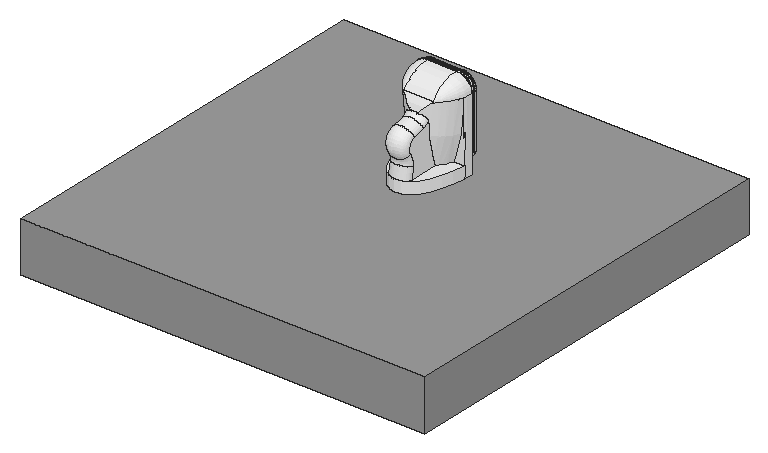
Revit family
Parameters
  Width = 355 mm  # constant formula
  Waste Connection Radius = Waste Connection Diameter / 2  # 51 mm
  Waste Connection = 1 = 1  # yes
  Vent Connection = 1 = 0  # no
  URL = "www.vaalsan.co.za"
  Seat Finish = Plastic-Vaal-White
  Product Code = "439300WH"
  Omniclass Title = "Water Operated Water Closets"
  Omniclass Number = "23.45.05.21.11.11"
  Model = "Urban Life Wall Hung Pan"
  Manufacturer = "Vaal Sanitaryware"  # constant formula
  Length = 527 mm  # constant formula
  Height Pan To Finish Floor = 435 mm
  Height = 370 mm  # constant formula
  HW Connection = 1 = 0  # no
  Family created by = "www.rbuiltcomponents.com"
  Default Elevation = 0 mm
  Cold Water Connection Diameter = 55 mm  # constant formula
  Waste Connection Diameter = 102 mm  # constant formula
  CW Connection Radius = Cold Water Connection Diameter / 2  # 27.5 mm
  CW Connection = 1 = 1  # yes
  Body Finish = Vitreous China-Vaal-White
  Assembly Code = "D2010110"
Reference planes
  plane 1 "FF": y = 0
  plane 2: z = 0
  plane 3 "Center (Left/Right)": x = 0
  plane 4: z = 0
  plane 5: y = 435
  plane 6 "45 2": through (-1219.2, -1219.2, 0) normal (-0.5, -0.5, 0.7071)
  plane 7: y = 60
  plane 8: x = 177.5
  plane 9: x = -177.5
Forms (mm)
  Extrusion 1, solid
    sketch origin (0, 0, 0) x (1, 0, 0) y (0, 1, 0)
      loop
        line (-1219.2, 1219.2) -> (-1219.2, -1219.2) -> (1219.2, -1219.2) -> (1219.2, 1219.2) -> (-1219.2, 1219.2)
    from 0 to -304.8
  Extrusion 2, void
    sketch origin (0, 0, 0) x (1, 0, 0) y (0, 1, 0)
      loop
        circle (0, 232) r 45
    from 0 to 5
Lines and regions (mm)
  symbolic lines
    curve 1: line (-177.5, 0, 0) -> (177.5, 0, 0)
Dimensions and locks
  "Height Pan To Finish Floor": plane 1 "FF" to plane 5
  locked: plane 7 to plane 5 at 375
  equal spacing: plane 9, plane 3 "Center (Left/Right)", plane 8
  locked: plane 9 to plane 8 at 355
  locked: Extrusion 2 sketch curve to plane 5 at 203
  locked: connector elem to plane 3 "Center (Left/Right)" at 0  (x2)
  locked: connector elem to plane 5 at 203
  locked: connector elem to plane 5 at 68
  aligned and locked: plane 2 to Extrusion 1
  aligned and locked: level to Extrusion 1
  aligned and locked: plane 4 to nested 1
  aligned and locked: plane 5 to nested 1
  aligned and locked: plane 9 to curve 1
  aligned and locked: plane 1 "FF" to curve 1
Automatic sketch dimensions
  Extrusion 1 sketch curve to Extrusion 1 sketch curve = 2438.4 mm  (x2)
  Extrusion 2 sketch curve to plane 3 "Center (Left/Right)" = 0 mm
  curve 1 to plane 8 = 0 mm
  radius of Extrusion 2 sketch curve = 45 mm
Nested families
  nested 1: "Vaal-Urban_Life_WHP" at (0, 0, 0) x (-1, 0, 0) z (0, 1, 0), type "Vaal-Urban_Life_WHP"
    with Waste Connection Radius 45 mm
Connectors
  piping at (0, 232, 0), driven by "Waste Connection Radius"
    settings: on Extrusion 2, index 1
  piping at (0, 367, 0), driven by "CW Connection Radius"
    settings: on Extrusion 2, index 2
Definition of nested family "Vaal-Urban_Life_WHP"
  Parameters
    Waste Connection Radius = 51 mm
    Seat Finish = Plastic-Vaal-White
    Height Pan Top = 435 mm
    Default Elevation = 0 mm
    CW Connection Radius = 27.5 mm
    Body Finish = Vitreous China-Vaal-White
  Reference planes
    plane 1 "Back": y = 0
    plane 2 "Bottom": z = 0
    plane 3 "Center (Left/Right)": x = 0
    plane 4 "Front": y = -527
    plane 5 "Right": x = 177.5
    plane 6 "Left": x = -177.5
    plane 7 "Top": z = 435
    plane 8: z = 60
    plane 9 "R1": y = -437
  Forms (mm)
    Sweep 1, solid, material "Vitreous China-Vaal-White" <- "Body Finish"
      path origin (0, 0, 0) x (0, 1, 0) y (0, 0, 1)
        loop
          arc (-373.445, 225.274) -> (-359.189, 213.974) -> (-351.062, 197.698) r 41.917
          line (-351.062, 197.698) -> (-334.128, 129.777)
          arc (-334.128, 129.777) -> (-272.186, 63.013) -> (-182.656, 79.706) r 94.361
          arc (-182.656, 79.706) -> (-165.283, 88.967) -> (-145.682, 90.804) r 50
          line (-145.682, 90.804) -> (-70, 82.85)
      profile origin (0, -342.595, 163.738) x (0, 0.970296, 0.241922) y (1, 0, 0)
        loop
          line (50, -65) -> (80, -65) -> (80, 65) -> (50, 65)
          spline (50, 65) -> (37.059, 62.785) -> (25, 56.292) -> (14.645, 45.962) -> (6.699, 32.5) -> (1.704, 16.823) -> (0, 0) -> (1.704, -16.823) -> (6.699, -32.5) -> (14.645, -45.962) -> (25, -56.292) -> (37.059, -62.785) -> (50, -65)
    Extrusion 2, solid, material "Vitreous China-Vaal-White" <- "Body Finish"
      sketch origin (0, 0, 435) x (-1, 0, 0) y (0, -1, 0)
        loop
          arc (177.5, 437) -> (151.14, 500.64) -> (87.5, 527) r 90
          line (87.5, 527) -> (-87.5, 527)
          arc (-87.5, 527) -> (-151.14, 500.64) -> (-177.5, 437) r 90
          arc (-177.5, 437) -> (-154.9, 213.966) -> (-88.018, 0) r 1111.818
          line (-88.018, 0) -> (88.018, 0)
          arc (88.018, 0) -> (154.9, 213.966) -> (177.5, 437) r 1111.818
      from 0 to -213
    Sweep 3, void
      path in 3D
        loop
          arc (177.5, -437, 435) -> (151.14, -500.64, 435) -> (87.5, -527, 435) r 90
          line (87.5, -527, 435) -> (-87.5, -527, 435)
          arc (-87.5, -527, 435) -> (-151.14, -500.64, 435) -> (-177.5, -437, 435) r 90
      profile origin (-151.14, -500.64, 435) x (-0.707107, -0.707107, 0) y (0, 0, 1)
        loop
          arc (0, 0) -> (-22.857, -97.645) -> (-86.677, -175) r 220
          line (-86.677, -175) -> (0, -175) -> (0, 0)
    Extrusion 4, void
      sketch origin (-1.25, -527, 0) x (1, 0, 0) y (0, 0, 1)
        loop
          line (-176.25, 260) -> (-176.25, 215) -> (178.75, 215) -> (178.75, 260) -> (92.073, 260)
          arc (92.073, 260) -> (49.004, 234.365) -> (1.25, 219.144) r 220
          arc (1.25, 219.144) -> (-46.504, 234.365) -> (-89.573, 260) r 220
          line (-89.573, 260) -> (-176.25, 260)
      from -90 to 50
    Extrusion 5, solid, material "Vitreous China-Vaal-White" <- "Body Finish"
      sketch origin (0, 0, 0) x (0, 1, 0) y (0, 0, 1)
        loop
          line (-70, 163.291) -> (-70, 385.418) -> (-210, 385.418) -> (-210, 297.258) -> (-338.54, 297.258)
          arc (-338.54, 297.258) -> (-297.075, 264.391) -> (-273.439, 217.052) r 121.917
          line (-273.439, 217.052) -> (-256.504, 149.131)
          arc (-256.504, 149.131) -> (-247.077, 138.97) -> (-233.451, 141.511) r 14.361
          arc (-233.451, 141.511) -> (-188.283, 165.59) -> (-137.32, 170.366) r 130
          line (-137.32, 170.366) -> (-70, 163.291)
      from 65 to -65
    Sweep 6, void
      path in 3D
        loop
          arc (101.013, -31.748, 435) -> (158.211, -230.797, 435) -> (177.5, -437, 435) r 1111.818
      profile origin (158.211, -230.797, 435) x (0.982651, 0.185465, 0) y (0, 0, 1)
        loop
          arc (0, 0) -> (-44.697, -132.924) -> (-160.626, -211.836) r 220
          line (-160.626, -211.836) -> (-160.626, -215) -> (0, -215) -> (0, 0)
    Sweep 7, void
      path in 3D
        loop
          arc (-101.013, -31.748, 435) -> (-158.211, -230.797, 435) -> (-177.5, -437, 435) r 1111.818
      profile origin (-158.211, -230.797, 435) x (0.982651, -0.185465, 0) y (0, 0, 1)
        loop
          line (0, 0) -> (0, -215) -> (158.992, -215) -> (158.992, -211.372)
          arc (158.992, -211.372) -> (44.185, -132.246) -> (0, 0) r 220
    Extrusion 8, void
      sketch origin (0, 0, 0) x (0, 1, 0) y (0, 0, 1)
        loop
          arc (-362.055, 222) -> (-403.086, 237.092) -> (-440.323, 260) r 220
          line (-440.323, 260) -> (-535.323, 260) -> (-535.323, 222) -> (-362.055, 222)
      from 100 to -100
    Extrusion 9, solid, material "Vitreous China-Vaal-White" <- "Body Finish"
      sketch origin (0, 0, 0) x (1, 0, 0) y (0, 0, 1)
        loop
          line (175.731, 385) -> (-175.731, 385)
          spline (-175.731, 385) -> (-164.867, 303.468) -> (-144.689, 229.366) -> (-116.337, 166.882) -> (-81.413, 119.544) -> (-41.89, 90.028) -> (0, 80) -> (41.89, 90.028) -> (81.413, 119.544) -> (116.337, 166.882) -> (144.689, 229.366) -> (164.867, 303.468) -> (175.731, 385)
      from 0 to 70
    Blend 10, solid, material "Vitreous China-Vaal-White" <- "Body Finish"
      base sketch origin (0, 0, 0) x (1, 0, 0) y (0, 0, 1)
        loop
          line (177.5, 435) -> (-177.5, 435)
          spline (-177.5, 435) -> (-177.488, 430.82) -> (-177.451, 426.64) -> (-177.389, 422.461) -> (-177.303, 418.284) -> (-177.192, 414.109) -> (-177.057, 409.937) -> (-176.897, 405.769) -> (-176.713, 401.605) -> (-176.504, 397.445) -> (-176.271, 393.291) -> (-176.013, 389.142) -> (-175.731, 385)
          line (-175.731, 385) -> (175.731, 385)
          spline (175.731, 385) -> (176.013, 389.142) -> (176.271, 393.291) -> (176.504, 397.445) -> (176.713, 401.605) -> (176.897, 405.769) -> (177.057, 409.937) -> (177.192, 414.109) -> (177.303, 418.284) -> (177.389, 422.461) -> (177.451, 426.64) -> (177.488, 430.82) -> (177.5, 435)
      top sketch origin (0, 0, 0) x (1, 0, 0) y (0, 0, 1)
        loop
          line (177.5, 435) -> (-177.5, 435)
          arc (-177.5, 435) -> (-176.056, 409.835) -> (-171.743, 385) r 220
          line (-171.743, 385) -> (171.743, 385)
          arc (171.743, 385) -> (176.056, 409.835) -> (177.5, 435) r 220
      from 0 to 437
    Extrusion 11, solid, material "Plastic-Vaal-White" <- "Seat Finish"
      sketch origin (0, 0, 435) x (-1, 0, 0) y (0, -1, 0)
        loop
          arc (147.5, 80) -> (168.713, 88.787) -> (177.5, 110) r 30
          line (177.5, 110) -> (177.5, 437)
          arc (177.5, 437) -> (151.14, 500.64) -> (87.5, 527) r 90
          line (87.5, 527) -> (-87.5, 527)
          arc (-87.5, 527) -> (-151.14, 500.64) -> (-177.5, 437) r 90
          line (-177.5, 437) -> (-177.5, 110)
          arc (-177.5, 110) -> (-168.713, 88.787) -> (-147.5, 80) r 30
          line (-147.5, 80) -> (147.5, 80)
      from 30 to 50
    Extrusion 12, solid, material "Plastic-Vaal-White" <- "Seat Finish"
      sketch origin (0, 0, 435) x (-1, 0, 0) y (0, -1, 0)
        loop
          arc (147.5, 115) -> (168.713, 123.787) -> (177.5, 145) r 30
          line (177.5, 145) -> (177.5, 437)
          arc (177.5, 437) -> (151.14, 500.64) -> (87.5, 527) r 90
          line (87.5, 527) -> (-87.5, 527)
          arc (-87.5, 527) -> (-151.14, 500.64) -> (-177.5, 437) r 90
          line (-177.5, 437) -> (-177.5, 145)
          arc (-177.5, 145) -> (-168.713, 123.787) -> (-147.5, 115) r 30
          line (-147.5, 115) -> (147.5, 115)
      from 5 to 25
    Sweep 13, void
      path in 3D
        loop
          arc (87.5, -527, 485) -> (151.14, -500.64, 485) -> (177.5, -437, 485) r 90
          line (177.5, -437, 485) -> (177.5, -110, 485)
          arc (177.5, -110, 485) -> (168.713, -88.787, 485) -> (147.5, -80, 485) r 30
          line (147.5, -80, 485) -> (-147.5, -80, 485)
          arc (-147.5, -80, 485) -> (-168.713, -88.787, 485) -> (-177.5, -110, 485) r 30
          line (-177.5, -110, 485) -> (-177.5, -437, 485)
          arc (-177.5, -437, 485) -> (-151.14, -500.64, 485) -> (-87.5, -527, 485) r 90
          line (-87.5, -527, 485) -> (87.5, -527, 485)
      profile origin (0, -527, 485) x (0, 1, 0) y (0, 0, 1)
        loop
          line (0, 0) -> (0, -20) -> (7, -20)
          arc (7, -20) -> (5.586, -19.414) -> (5, -18) r 2
          arc (5, -18) -> (10.272, -5.272) -> (23, 0) r 18
          line (23, 0) -> (0, 0)
    Sweep 14, void
      path in 3D
        loop
          arc (87.5, -527, 460) -> (151.14, -500.64, 460) -> (177.5, -437, 460) r 90
          line (177.5, -437, 460) -> (177.5, -145, 460)
          arc (177.5, -145, 460) -> (168.713, -123.787, 460) -> (147.5, -115, 460) r 30
          line (147.5, -115, 460) -> (-147.5, -115, 460)
          arc (-147.5, -115, 460) -> (-168.713, -123.787, 460) -> (-177.5, -145, 460) r 30
          line (-177.5, -145, 460) -> (-177.5, -437, 460)
          arc (-177.5, -437, 460) -> (-151.14, -500.64, 460) -> (-87.5, -527, 460) r 90
          line (-87.5, -527, 460) -> (87.5, -527, 460)
      profile origin (0, -527, 460) x (0, 1, 0) y (0, 0, 1)
        loop
          line (0, 0) -> (0, -20) -> (2.342, -20)
          arc (2.342, -20) -> (0.821, -19.299) -> (0.366, -17.687) r 2
          line (0.366, -17.687) -> (2.5, -4.218)
          arc (2.5, -4.218) -> (4.191, -1.198) -> (7.438, 0) r 5
          line (7.438, 0) -> (0, 0)
    Revolve 15, solid, material "Plastic-Vaal-White" <- "Seat Finish"
      sketch origin (-83.938, -155.625, 45) x (0, -1, 0) y (0, 0, -1)
        loop
          line (-55, -420) -> (-42.464, -420)
          arc (-42.464, -420) -> (-42.379, -413.327) -> (-44.919, -407.156) r 16.66
          arc (-44.919, -407.156) -> (-41.491, -398.856) -> (-40, -390) r 39.998
          line (-40, -390) -> (-55, -390) -> (-55, -420)
        axis (-55, -420) -> (-55, -390)
      angle from 0 to 360
    Revolve 16, solid, material "Plastic-Vaal-White" <- "Seat Finish"
      sketch origin (83.938, -155.625, 45) x (0, -1, 0) y (0, 0, 1)
        loop
          line (-55, 420) -> (-55, 390) -> (-40, 390)
          arc (-40, 390) -> (-41.491, 398.856) -> (-44.919, 407.156) r 39.998
          arc (-44.919, 407.156) -> (-42.379, 413.327) -> (-42.464, 420) r 16.66
          line (-42.464, 420) -> (-55, 420)
        axis (-55, 420) -> (-55, 390)
      angle from 0 to 360
  Cuts and joins
    Sweep 3, Extrusion 4, Sweep 6, Sweep 7, Extrusion 8 cuts Extrusion 2
    joined: Extrusion 2, Extrusion 9, Blend 10
    joined: Sweep 1, Extrusion 5
    Sweep 13 cuts Extrusion 11
    Sweep 14 cuts Extrusion 12
  Lines and regions (mm)
    Masking region 1
      outline origin (0, 0, 0) x (1, 0, 0) y (0, 1, 0)
        loop
          line (-177.5, 0) -> (-177.5, -437)
          arc (-177.5, -437) -> (-151.14, -500.64) -> (-87.5, -527) r 90
          line (-87.5, -527) -> (87.5, -527)
          arc (87.5, -527) -> (151.14, -500.64) -> (177.5, -437) r 90
          line (177.5, -437) -> (177.5, 0) -> (-177.5, 0)
    Masking region 2
      outline origin (0, 0, 0) x (1, 0, 0) y (0, 0, 1)
        loop
          arc (-161.927, 485) -> (-173.517, 461.184) -> (-177.5, 435) r 88.055
          spline (-177.5, 435) -> (-176.617, 399.636) -> (-173.977, 364.623) -> (-169.606, 330.311) -> (-163.548, 297.04) -> (-155.863, 265.142) -> (-146.627, 234.934) -> (-135.933, 206.716) -> (-123.886, 180.768) -> (-110.607, 157.351) -> (-96.228, 136.695) -> (-80.891, 119.007) -> (-64.749, 104.462)
          spline (-64.749, 104.462) -> (-61.386, 92.477) -> (-54.292, 81.484) -> (-43.899, 72.154) -> (-30.838, 65.052) -> (-15.902, 60.611) -> (0, 59.1) -> (15.902, 60.611) -> (30.838, 65.052) -> (43.899, 72.154) -> (54.292, 81.484) -> (61.386, 92.477) -> (64.749, 104.462)
          spline (64.749, 104.462) -> (80.891, 119.007) -> (96.228, 136.695) -> (110.607, 157.351) -> (123.886, 180.768) -> (135.933, 206.716) -> (146.627, 234.934) -> (155.863, 265.142) -> (163.548, 297.04) -> (169.606, 330.311) -> (173.977, 364.623) -> (176.617, 399.636) -> (177.5, 435)
          arc (177.5, 435) -> (173.517, 461.184) -> (161.927, 485) r 88.055
          line (161.927, 485) -> (-161.927, 485)
    Masking region 3
      outline origin (0, 0, 0) x (0, 1, 0) y (0, 0, 1)
        loop
          line (0, 270) -> (0, 435) -> (-83.089, 435) -> (-83.089, 485) -> (-506.36, 485)
          arc (-506.36, 485) -> (-521.67, 462.06) -> (-527, 435) r 70.451
          arc (-527, 435) -> (-478.32, 297.292) -> (-354.299, 220.143) r 220.699
          line (-354.299, 220.143) -> (-334.053, 132.45)
          arc (-334.053, 132.45) -> (-260.222, 58.339) -> (-161.12, 91.837) r 99.003
          line (-161.12, 91.837) -> (0, 72.054) -> (0, 270)
    symbolic lines, style "Water Closet", detail levels fine
      curve 1: line (-177.5, -87, 0) -> (177.5, -87, 0)
      curve 3: line (173.877, 0, 460) -> (-173.877, 0, 460)
      curve 4: line (0, -83.089, 460) -> (0, -522.483, 460)
      curve 5: line (0, -432, 385) -> (0, -70, 385)
      curve 28: line (0, -70, 385) -> (0, -70, 80)
      curve 29: arc (0, -115, 385) -> (0, -140.103, 283.362) -> (0, -225.176, 222.345) r 151.321
      curve 30: line (0, -225.176, 222.345) -> (0, -342.013, 222.345)
      curve 31: arc (-177.5, -527, 435) -> (-148.784, -527, 326.962) -> (-72.761, -527, 245.001) r 231.347
      curve 32: line (-65, -527, 229.143) -> (-65, -527, 104.143)
      curve 33: line (65, -527, 229.143) -> (65, -527, 104.143)
      curve 34: arc (177.5, -527, 435) -> (148.784, -527, 326.962) -> (72.761, -527, 245.001) r 231.347
      curve 35: arc (-55.766, -527, 236.392) -> (0, -527, 231.643) -> (55.766, -527, 236.392) r 329.828
    symbolic lines, style "Water Closet"
      curve 2: line (177.5, 0, 435) -> (-177.5, 0, 435)
      curve 6: line (0, -83.089, 435) -> (0, -527, 435)
    sketch lines
      curve 7: arc (-87.5, -527, 435) -> (-151.14, -500.64, 435) -> (-177.5, -437, 435) r 90
      curve 8: line (-87.5, -527, 435) -> (87.5, -527, 435)
      curve 9: arc (177.5, -437, 435) -> (151.14, -500.64, 435) -> (87.5, -527, 435) r 90
      curve 10: arc (101.013, -31.748, 435) -> (158.211, -230.797, 435) -> (177.5, -437, 435) r 1111.818
      curve 11: arc (-101.013, -31.748, 435) -> (-158.211, -230.797, 435) -> (-177.5, -437, 435) r 1111.818
      curve 12: line (-87.5, -527, 485) -> (87.5, -527, 485)
      curve 13: arc (-87.5, -527, 485) -> (-151.14, -500.64, 485) -> (-177.5, -437, 485) r 90
      curve 14: line (-177.5, -110, 485) -> (-177.5, -437, 485)
      curve 15: arc (-177.5, -110, 485) -> (-168.713, -88.787, 485) -> (-147.5, -80, 485) r 30
      curve 16: line (147.5, -80, 485) -> (-147.5, -80, 485)
      curve 17: arc (147.5, -80, 485) -> (168.713, -88.787, 485) -> (177.5, -110, 485) r 30
      curve 18: line (177.5, -437, 485) -> (177.5, -110, 485)
      curve 19: arc (177.5, -437, 485) -> (151.14, -500.64, 485) -> (87.5, -527, 485) r 90
      curve 20: line (-87.5, -527, 460) -> (87.5, -527, 460)
      curve 21: arc (-87.5, -527, 460) -> (-151.14, -500.64, 460) -> (-177.5, -437, 460) r 90
      curve 22: line (-177.5, -145, 460) -> (-177.5, -437, 460)
      curve 23: arc (-177.5, -145, 460) -> (-168.713, -123.787, 460) -> (-147.5, -115, 460) r 30
      curve 24: line (147.5, -115, 460) -> (-147.5, -115, 460)
      curve 25: arc (147.5, -115, 460) -> (168.713, -123.787, 460) -> (177.5, -145, 460) r 30
      curve 26: line (177.5, -437, 460) -> (177.5, -145, 460)
      curve 27: arc (177.5, -437, 460) -> (151.14, -500.64, 460) -> (87.5, -527, 460) r 90
    symbolic lines, style "Fixing"
      curve 36: line (104, 0, 332) -> (64, 0, 332)
      curve 37: line (84, 0, 312) -> (84, 0, 352)
      curve 38: line (-104, 0, 332) -> (-64, 0, 332)
      curve 39: line (-84, 0, 312) -> (-84, 0, 352)
      curve 40: line (0, 26.911, 332.039) -> (0, -83.089, 332.039)
  Dimensions and locks
    locked: plane 4 "Front" to plane 1 "Back" at 527
    equal spacing: plane 6 "Left", plane 3 "Center (Left/Right)", plane 5 "Right"
    locked: plane 6 "Left" to plane 5 "Right" at 355
    "Height Pan Top": plane 7 "Top" to plane 2 "Bottom"
    plane 7 "Top" to plane 2 "Bottom" = 435 mm
    locked: Masking region 2 sketch curve to plane 7 "Top" at 50
    locked: plane 7 "Top" to Extrusion 2 at 213
    locked: plane 4 "Front" to plane 9 "R1" at 90
    locked: Extrusion 11 sketch curve to plane 1 "Back" at 80
    locked: Extrusion 12 sketch curve to plane 1 "Back" at 115
    locked: plane 7 "Top" to plane 8 at 375
    curve 37 to curve 2 = 83 mm
    locked: curve 37 to curve 39 at 168
    locked: curve 38 to plane 2 "Bottom" at 332
    locked: plane 2 "Bottom" to curve 40 at 332.039
    aligned and locked: plane 6 "Left" to Masking region 1 sketch curve
    aligned and locked: plane 1 "Back" to Masking region 1 sketch curve
    aligned and locked: Masking region 1 sketch curve to plane 5 "Right"
    aligned and locked: plane 6 "Left" to curve 2
    aligned and locked: plane 5 "Right" to curve 2
    aligned and locked: Masking region 3 to curve 4
    aligned and locked: Extrusion 2 sketch curve to plane 1 "Back"
    aligned and locked: plane 4 "Front" to Extrusion 2 sketch curve
    aligned and locked: plane 7 "Top" to Extrusion 2
    aligned and locked: Sweep 1 to Extrusion 5 sketch curve
    aligned and locked: Extrusion 5 sketch curve to Sweep 1  (x2)
    aligned and locked: plane 9 "R1" to Blend 10
    aligned and locked: Extrusion 11 sketch curve to plane 5 "Right"
    aligned and locked: plane 6 "Left" to Extrusion 11 sketch curve
    aligned and locked: Extrusion 11 sketch curve to plane 4 "Front"
    aligned and locked: plane 6 "Left" to Extrusion 12 sketch curve
    aligned and locked: Extrusion 12 sketch curve to plane 5 "Right"
    aligned and locked: curve 28 to cut or joined group of Extrusion 2, Sweep 3, Extrusion 4, Sweep 6, Sweep 7, Extrusion 8, Extrusion 9, Blend 10
    aligned and locked: plane 5 "Right" to curve 1
    aligned and locked: plane 6 "Left" to curve 1
  Automatic sketch dimensions
    Sweep 7 sketch curve to profile plane = 0 mm  (x4)
    Sweep 7 sketch curve to profile plane = 158.992 mm
    Sweep 7 sketch curve to Sweep 7 sketch curve = 220 mm
    Sweep 7 sketch curve to Sweep 7 sketch curve = 3.628 mm
    Blend 10 sketch curve to plane 6 "Left" = 0 mm  (x3)
    Blend 10 sketch curve to plane 3 "Center (Left/Right)" = 0 mm  (x2)
    plane 6 "Left" to Blend 10 sketch curve = 1.769 mm
    Blend 10 sketch curve to plane 5 "Right" = 1.769 mm
    Blend 10 sketch curve to Blend 10 sketch curve = 50 mm
    curve 6 to plane 4 "Front" = 0 mm
    curve 6 to plane 7 "Top" = 0 mm
    curve 4 to plane 4 "Front" = 4.517 mm
    curve 5 to plane 9 "R1" = 5 mm
    curve 30 to plane 9 "R1" = 94.987 mm
    curve 29 to plane 7 "Top" = 66.775 mm
    curve 30 to curve 29 = 76.625 mm
    curve 30 to curve 30 = 116.837 mm
    curve 29 to curve 5 = 45 mm
    curve 6 to curve 4 = 0 mm
    curve 29 to curve 29 = 145.88 mm
    plane 8 to curve 28 = 20 mm
    plane 7 "Top" to curve 4 = 25 mm
    curve 2 to plane 7 "Top" = 0 mm
    plane 6 "Left" to curve 3 = 3.623 mm
    curve 3 to plane 5 "Right" = 3.623 mm
    plane 7 "Top" to curve 3 = 25 mm
    Masking region 1 sketch curve to plane 9 "R1" = 0 mm  (x2)
    Masking region 1 sketch curve to plane 4 "Front" = 0 mm
    Masking region 2 sketch curve to plane 6 "Left" = 0 mm
    Masking region 2 sketch curve to plane 7 "Top" = 0 mm  (x2)
    Masking region 2 sketch curve to plane 3 "Center (Left/Right)" = 0 mm  (x3)
    Masking region 2 sketch curve to plane 5 "Right" = 0 mm
    Masking region 2 sketch curve to Masking region 2 sketch curve = 15.573 mm
    plane 8 to Masking region 2 sketch curve = 48.826 mm
    Masking region 2 sketch curve to plane 3 "Center (Left/Right)" = 65 mm
    Masking region 2 sketch curve to Masking region 2 sketch curve = 0.251 mm
    plane 8 to Masking region 2 sketch curve = 44.462 mm
    plane 3 "Center (Left/Right)" to Masking region 2 sketch curve = 64.749 mm
    Masking region 2 sketch curve to Masking region 2 sketch curve = 88.055 mm
    Masking region 3 sketch curve to plane 4 "Front" = 0 mm  (x2)
    Masking region 3 sketch curve to plane 7 "Top" = 0 mm  (x2)
    Masking region 3 sketch curve to plane 1 "Back" = 0 mm
    Masking region 3 sketch curve to plane 4 "Front" = 20.64 mm
    plane 7 "Top" to Masking region 3 sketch curve = 0.179 mm
    plane 9 "R1" to Masking region 3 sketch curve = 19.55 mm
    Masking region 3 sketch curve to plane 9 "R1" = 82.701 mm
    Masking region 3 sketch curve to Masking region 3 sketch curve = 20.246 mm
    plane 7 "Top" to Masking region 3 sketch curve = 0.559 mm
    Masking region 3 sketch curve to Masking region 3 sketch curve = 96.466 mm
    plane 8 to Masking region 3 sketch curve = 31.837 mm
    Masking region 3 sketch curve to Masking region 3 sketch curve = 76.468 mm
    plane 1 "Back" to Masking region 3 sketch curve = 83.089 mm
    plane 8 to Masking region 3 sketch curve = 12.054 mm
    Masking region 3 sketch curve to Masking region 3 sketch curve = 87.693 mm
    Masking region 3 sketch curve to Masking region 3 sketch curve = 165 mm
    Sweep 1 sketch curve to plane 9 "R1" = 45.266 mm
    Sweep 1 sketch curve to Sweep 1 sketch curve = 18.289 mm
    Sweep 1 sketch curve to Sweep 1 sketch curve = 22.383 mm
    Sweep 1 sketch curve to Sweep 1 sketch curve = 16.935 mm
    Sweep 1 sketch curve to Sweep 1 sketch curve = 91.558 mm
    plane 8 to Sweep 1 sketch curve = 19.706 mm
    Sweep 1 sketch curve to Sweep 1 sketch curve = 59.914 mm
    Sweep 1 sketch curve to Sweep 1 sketch curve = 0 mm
    Sweep 1 sketch curve to plane 8 = 18.922 mm
    Sweep 1 sketch curve to Sweep 1 sketch curve = 31.747 mm
    plane 8 to Sweep 1 sketch curve = 30.804 mm
    plane 8 to Sweep 1 sketch curve = 22.85 mm
    plane 1 "Back" to Sweep 1 sketch curve = 70 mm
    Sweep 1 sketch curve to Sweep 1 sketch curve = 57.78 mm
    Sweep 1 sketch curve to Sweep 1 sketch curve = 10.141 mm
    Sweep 1 sketch curve to plane 3 "Center (Left/Right)" = 0 mm
    Sweep 1 sketch curve to profile plane = 50 mm
    Sweep 1 sketch curve to Sweep 1 sketch curve = 30 mm
    Sweep 1 sketch curve to plane 3 "Center (Left/Right)" = 65 mm
    Extrusion 2 sketch curve to plane 9 "R1" = 0 mm  (x2)
    Extrusion 2 sketch curve to plane 5 "Right" = 0 mm  (x2)
    Extrusion 2 sketch curve to plane 6 "Left" = 0 mm  (x2)
    Extrusion 2 sketch curve to Extrusion 2 sketch curve = 756.818 mm
    plane 3 "Center (Left/Right)" to Extrusion 2 sketch curve = 88.018 mm
    Sweep 3 sketch curve to profile plane = 0 mm  (x4)
    Sweep 3 sketch curve to Sweep 3 sketch curve = 86.677 mm
    Sweep 3 sketch curve to Sweep 3 sketch curve = 133.323 mm
    Extrusion 4 sketch curve to plane 6 "Left" = 0 mm
    Extrusion 4 sketch curve to plane 7 "Top" = 0 mm  (x2)
    Extrusion 4 sketch curve to plane 3 "Center (Left/Right)" = 0 mm
    Extrusion 4 sketch curve to plane 5 "Right" = 0 mm
    Extrusion 4 sketch curve to Extrusion 4 sketch curve = 86.677 mm  (x2)
    Extrusion 4 sketch curve to plane 3 "Center (Left/Right)" = 42.5 mm
    plane 3 "Center (Left/Right)" to Extrusion 4 sketch curve = 42.5 mm
    Extrusion 4 sketch curve to plane 7 "Top" = 175 mm
    Extrusion 4 sketch curve to Extrusion 4 sketch curve = 45 mm
    plane 8 to Extrusion 5 sketch curve = 89.131 mm
    Extrusion 5 sketch curve to Extrusion 5 sketch curve = 16.935 mm
    Extrusion 5 sketch curve to plane 9 "R1" = 98.46 mm
    Extrusion 5 sketch curve to plane 9 "R1" = 45.266 mm
    Extrusion 5 sketch curve to plane 7 "Top" = 49.582 mm
    Extrusion 5 sketch curve to Extrusion 5 sketch curve = 128.54 mm
    Extrusion 5 sketch curve to Extrusion 5 sketch curve = 96.132 mm
    Extrusion 5 sketch curve to Extrusion 5 sketch curve = 67.32 mm
    plane 8 to Extrusion 5 sketch curve = 127.557 mm
    Extrusion 5 sketch curve to Extrusion 5 sketch curve = 67.921 mm
    Sweep 6 sketch curve to profile plane = 0 mm  (x4)
    profile plane to Sweep 6 sketch curve = 160.626 mm
    Sweep 6 sketch curve to Sweep 6 sketch curve = 59.374 mm
    Sweep 6 sketch curve to Sweep 6 sketch curve = 3.164 mm
    Extrusion 8 sketch curve to plane 7 "Top" = 0 mm
    plane 4 "Front" to Extrusion 8 sketch curve = 8.323 mm
    plane 9 "R1" to Extrusion 8 sketch curve = 3.323 mm
    Extrusion 8 sketch curve to plane 9 "R1" = 74.945 mm
    Extrusion 8 sketch curve to plane 9 "R1" = 130 mm
    Extrusion 8 sketch curve to plane 7 "Top" = 175 mm
    Extrusion 9 sketch curve to plane 3 "Center (Left/Right)" = 0 mm
    Extrusion 9 sketch curve to plane 5 "Right" = 0 mm
    Extrusion 9 sketch curve to plane 7 "Top" = 0 mm
    plane 6 "Left" to Extrusion 9 sketch curve = 1.769 mm
    Extrusion 9 sketch curve to Extrusion 9 sketch curve = 50 mm
    Blend 10 sketch curve to plane 7 "Top" = 0 mm
    Blend 10 sketch curve to plane 5 "Right" = 0 mm
    plane 6 "Left" to Blend 10 sketch curve = 5.757 mm
    Blend 10 sketch curve to plane 3 "Center (Left/Right)" = 42.5 mm
    plane 3 "Center (Left/Right)" to Blend 10 sketch curve = 42.5 mm
    Extrusion 11 sketch curve to plane 9 "R1" = 0 mm  (x2)
    Extrusion 11 sketch curve to plane 5 "Right" = 30 mm
    plane 6 "Left" to Extrusion 11 sketch curve = 30 mm
    Extrusion 12 sketch curve to plane 4 "Front" = 0 mm
    Extrusion 12 sketch curve to plane 9 "R1" = 0 mm  (x2)
    Extrusion 12 sketch curve to plane 5 "Right" = 30 mm
    plane 6 "Left" to Extrusion 12 sketch curve = 30 mm
    Sweep 13 sketch curve to profile plane = 0 mm  (x3)
    Sweep 13 sketch curve to profile plane = 5 mm
    Sweep 13 sketch curve to Sweep 13 sketch curve = 0 mm  (x2)
    Sweep 13 sketch curve to Sweep 13 sketch curve = 2 mm  (x2)
    Sweep 13 sketch curve to profile plane = 23 mm
    Sweep 13 sketch curve to Sweep 13 sketch curve = 16 mm
    Sweep 14 sketch curve to profile plane = 0 mm  (x3)
    Sweep 14 sketch curve to profile plane = 0.366 mm
    Sweep 14 sketch curve to profile plane = 2.342 mm
    Sweep 14 sketch curve to Sweep 14 sketch curve = 0 mm  (x2)
    Sweep 14 sketch curve to profile plane = 2.5 mm
    Sweep 14 sketch curve to Sweep 14 sketch curve = 4.938 mm  (x2)
    Sweep 14 sketch curve to profile plane = 4.218 mm
    Sweep 14 sketch curve to Sweep 14 sketch curve = 13.469 mm
    Sweep 14 sketch curve to Sweep 14 sketch curve = 0.313 mm
    Revolve 15 sketch curve to plane 7 "Top" = 0 mm  (x2)
    Revolve 15 sketch curve to plane 7 "Top" = 2.169 mm
    plane 1 "Back" to Revolve 15 sketch curve = 75.686 mm
    Revolve 15 sketch curve to Revolve 15 sketch curve = 21.197 mm
    Revolve 15 sketch curve to Revolve 15 sketch curve = 24.939 mm
    Revolve 15 sketch curve to Revolve 15 sketch curve = 0 mm  (x2)
    Revolve 15 sketch curve to Revolve 15 sketch curve = 10.081 mm
    Revolve 15 sketch curve to Revolve 15 sketch curve = 12.536 mm
    Revolve 15 sketch curve to Revolve 15 sketch curve = 15 mm
    Revolve 15 sketch curve to Revolve 15 sketch curve = 9.299 mm
    Revolve 16 sketch curve to plane 7 "Top" = 0 mm  (x2)
    Revolve 16 sketch curve to plane 7 "Top" = 2.169 mm
    plane 1 "Back" to Revolve 16 sketch curve = 75.686 mm
    Revolve 16 sketch curve to Revolve 16 sketch curve = 21.197 mm
    Revolve 16 sketch curve to Revolve 16 sketch curve = 24.939 mm
    Revolve 16 sketch curve to Revolve 16 sketch curve = 0 mm  (x2)
    Revolve 16 sketch curve to Revolve 16 sketch curve = 10.081 mm
    Revolve 16 sketch curve to Revolve 16 sketch curve = 12.536 mm
    Revolve 16 sketch curve to Revolve 16 sketch curve = 15 mm
    Revolve 16 sketch curve to Revolve 16 sketch curve = 9.299 mm
    curve 31 to plane 6 "Left" = 0 mm
    curve 35 to plane 3 "Center (Left/Right)" = 0 mm
    curve 34 to plane 5 "Right" = 0 mm
    curve 34 to plane 7 "Top" = 0 mm
    curve 31 to plane 7 "Top" = 0 mm
    curve 31 to plane 3 "Center (Left/Right)" = 72.761 mm
    curve 31 to curve 32 = 7.761 mm
    curve 32 to curve 35 = 9.234 mm
    plane 7 "Top" to curve 34 = 3.648 mm
    curve 34 to plane 3 "Center (Left/Right)" = 53.818 mm
    plane 7 "Top" to curve 31 = 3.648 mm
    plane 3 "Center (Left/Right)" to curve 31 = 53.818 mm
    plane 3 "Center (Left/Right)" to curve 35 = 55.766 mm
    plane 3 "Center (Left/Right)" to curve 33 = 65 mm
    curve 33 to curve 34 = 7.761 mm
    curve 35 to curve 31 = 8.609 mm
    curve 33 to curve 35 = 7.249 mm
    curve 32 to curve 35 = 7.249 mm
    plane 8 to curve 33 = 44.143 mm
    plane 8 to curve 32 = 44.143 mm
    plane 7 "Top" to curve 35 = 126.471 mm
    plane 1 "Back" to curve 1 = 87 mm
    curve 38 to curve 39 = 20 mm  (x2)
    curve 39 to curve 38 = 20 mm  (x2)
    curve 36 to curve 37 = 20 mm  (x2)
    curve 37 to curve 36 = 20 mm  (x2)
    curve 37 to plane 7 "Top" = 123 mm
    plane 3 "Center (Left/Right)" to curve 36 = 64 mm
    plane 1 "Back" to curve 40 = 83.089 mm
    curve 40 to plane 1 "Back" = 26.911 mm
